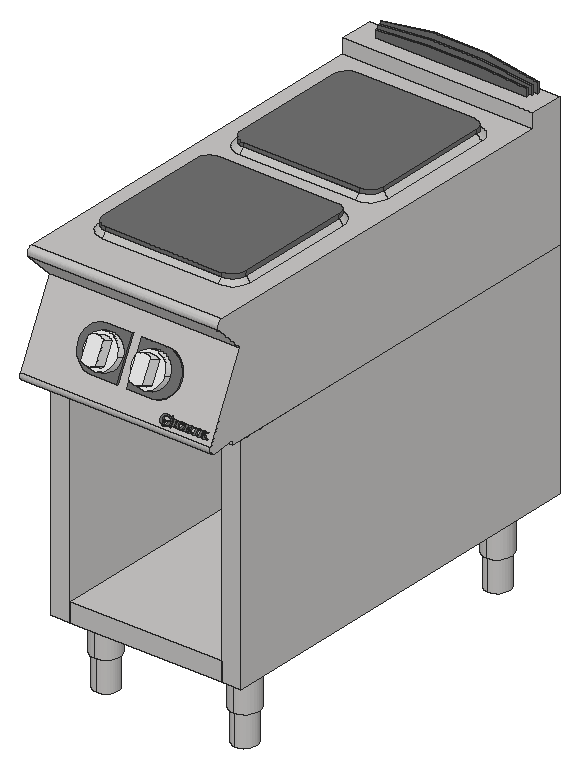
Revit family "QF_GIORIK_CE92QG", category Specialty Equipment, Revit 2014
Parameters (values of type "CE92QG")
  Weight in Pounds = 165.3465
  Watts = 8000 W
  Volts = 400 V
  URL Cutsheet = "www.giorik.com"
  URL = "www.giorik.com"
  Status [instance] = ""
  Specification by User [instance] = ""
  Specification by Manufacturer = ""
  Show Logo [instance] = yes
  Show Clearance [instance] = yes
  Serial Number = ""
  Seismic Rating = ""
  SMACNA No = ""
  Revision Code [instance] = ""
  Phase = 3
  Number of Poles [instance] = 3
  NAFEM Spec ID Number = ""
  Model = "CE92QG"
  Min Ckt Ampacity = 0 A
  Max Overcurrent Protection = 0 A
  Masterspec = ""
  Manufacturer = "GIORIK"
  Item Number [instance] = ""
  Installed By [instance] = ""
  Identify Quantity as Lot [instance] = no
  HP = "10.728160000000"
  Furnished By [instance] = ""
  Foodservice Equipment Identifier [instance] = yes
  FL Amps = 0 A
  Electrical Remarks [instance] = ""
  Electric Connection Type [instance] = ""
  Elec Conn RI Height [instance] = 0 mm
  Elec Conn Connection Height [instance] = 0 mm
  Description = "2 ELECTRIC PLATE HOB ON OPEN BASE UNIT"
  Cycle = 50 Hz
  Conn Plug = ""
  CSI MasterFormat = ""
  Assembly Code = "E1090320"
  Apparent Power = 8000 VA
Reference planes
  plane 1 "Back": y = 0
  plane 2: z = 0
  plane 3 "Left": x = 0
  plane 4 "Right": x = 400
  plane 5 "Front": y = -920
  plane 6 "Top": z = 900
Forms (mm)
  Extrusion 1, solid, visible <- "Show Logo"
    sketch origin (196.604, -936.624, 609.486) x (-1, 0, 0) y (0, 0.452718, 0.891654)
      loop
        line (-118.824, 58.358) -> (-127.804, 58.358) -> (-125.523, 56.445) -> (-125.523, 48.027) -> (-127.804, 46.113) -> (-118.824, 46.113) -> (-121.105, 48.027) -> (-121.105, 56.445) -> (-118.824, 58.358)
      loop
        line (-163.721, 58.358) -> (-172.7, 58.358) -> (-170.42, 56.445) -> (-170.42, 48.027) -> (-172.7, 46.113) -> (-163.721, 46.113) -> (-166.001, 48.027) -> (-166.001, 56.445) -> (-163.721, 58.358)
      loop
        line (-174.332, 58.358) -> (-183.312, 58.358) -> (-181.031, 56.445) -> (-181.031, 52.435) -> (-186.419, 56.955) -> (-184.416, 58.358) -> (-191.268, 58.358) -> (-188.01, 56.839) -> (-185.455, 54.283) -> (-190.846, 47.858) -> (-193.396, 46.93) -> (-193.396, 46.113) -> (-184.416, 46.113) -> (-185.437, 47.571) -> (-182.443, 51.552) -> (-181.031, 50.894) -> (-181.031, 48.027) -> (-183.312, 46.113) -> (-174.332, 46.113) -> (-176.613, 48.027) -> (-176.613, 56.445) -> (-174.332, 58.358)
      loop
        line (-115.429, 62.063) -> (-115.429, 54.198)
        arc (-115.429, 54.198) -> (-111.618, 57.803) -> (-106.847, 59.986) r 16.039
        arc (-106.847, 59.986) -> (-103.314, 59.837) -> (-100.512, 57.68) r 5.851
        arc (-100.512, 57.68) -> (-98.815, 52.267) -> (-100.512, 46.853) r 9.479
        arc (-100.512, 46.853) -> (-102.406, 44.986) -> (-104.846, 43.93) r 7.236
        arc (-104.846, 43.93) -> (-107.728, 44.111) -> (-110.052, 45.825) r 5.11
        line (-110.052, 45.825) -> (-110.052, 52.001) -> (-116.141, 52.001) -> (-116.141, 45.503) -> (-117.893, 43.751) -> (-114.094, 44.769)
        arc (-114.094, 44.769) -> (-112.56, 44.947) -> (-111.129, 44.366) r 3.115
        arc (-111.129, 44.366) -> (-104.216, 42.091) -> (-97.303, 44.366) r 11.641
        arc (-97.303, 44.366) -> (-93.396, 52.107) -> (-97.303, 59.849) r 9.622
        arc (-97.303, 59.849) -> (-104.369, 62.174) -> (-111.435, 59.849) r 11.898
        line (-111.435, 59.849) -> (-115.429, 62.063)
      loop
        arc (-129.234, 56.068) -> (-135.893, 58.628) -> (-142.552, 56.068) r 9.941
        arc (-142.552, 56.068) -> (-144.234, 52.286) -> (-142.552, 48.505) r 5.093
        arc (-142.552, 48.505) -> (-135.893, 45.945) -> (-129.234, 48.505) r 9.941
        arc (-129.234, 48.505) -> (-127.552, 52.286) -> (-129.234, 56.068) r 5.093
      loop
        arc (-132.628, 54.403) -> (-135.893, 57.668) -> (-139.158, 54.403) r 3.265
        line (-139.158, 54.403) -> (-139.158, 50.169)
        arc (-139.158, 50.169) -> (-135.893, 46.904) -> (-132.628, 50.169) r 3.265
        line (-132.628, 50.169) -> (-132.628, 54.403)
      loop
        arc (-156.363, 58.365) -> (-159.647, 55.081) -> (-156.363, 51.796) r 3.285
        line (-156.363, 51.796) -> (-159.529, 47.306) -> (-162.087, 46.113) -> (-155.847, 46.113) -> (-153.529, 51.083) -> (-150.637, 51.083) -> (-150.637, 47.784) -> (-153.022, 46.113) -> (-144.011, 46.113) -> (-146.094, 47.68) -> (-146.094, 56.493) -> (-144.229, 58.365) -> (-156.363, 58.365)
      loop
        line (-150.637, 57.512) -> (-153.637, 57.512)
        arc (-153.637, 57.512) -> (-156.237, 54.912) -> (-153.637, 52.312) r 2.6
        line (-153.637, 52.312) -> (-150.637, 52.312) -> (-150.637, 57.512)
      loop
        line (-108.924, 52.001) -> (-104.936, 49.005) -> (-100.948, 52.001) -> (-108.924, 52.001)
    from 1.5 to -0.5
  Extrusion 2, solid
    sketch origin (-16, 1025.948, 0) x (1, 0, 0) y (0, 1, 0)
      loop
        line (25, -1086.81) -> (25, -1156.81) -> (115, -1156.81) -> (115, -1086.81) -> (25, -1086.81)
    from 148 to 150
  Extrusion 3, solid
    sketch origin (-4, 0.138, 130) x (1, 0, 0) y (0, 1, 0)
      loop
        circle (54, -385) r 12.5
    from 0 to 20
  Extrusion 4, solid
    sketch origin (0, 800.138, -20) x (0, 1, 0) y (0, 0, 1)
      loop
        line (-800.138, 919.988) -> (-870.138, 919.988) -> (-870.138, 889.988) -> (-1688.806, 889.988)
        arc (-1688.806, 889.988) -> (-1699.151, 883.075) -> (-1696.724, 870.873) r 11.197
        line (-1696.724, 870.873) -> (-1640.876, 815.025) -> (-1718.948, 661.258)
        arc (-1718.948, 661.258) -> (-1718.233, 650.105) -> (-1708.118, 645.354) r 10.981
        line (-1708.118, 645.354) -> (-1660, 649.925) -> (-1660, 640) -> (-800.138, 640) -> (-800.138, 919.988)
    from 0 to 400
  Extrusion 5, solid
    sketch origin (0, -199.862, 599.536) x (1, 0, 0) y (0, 1, 0)
      loop
        line (0, -640) -> (40, -640) -> (40, 159.862) -> (360, 159.862) -> (360, -640) -> (400, -640) -> (400, 199.862) -> (0, 199.862) -> (0, -640)
    from -449.536 to 20.464
  Extrusion 6, solid
    sketch origin (0, -199.862, 0) x (1, 0, 0) y (0, 1, 0)
      loop
        line (40, 159.862) -> (40, -640) -> (360, -640) -> (360, 159.862) -> (40, 159.862)
    from 150 to 190
  Extrusion 7, solid
    sketch origin (-16, 360.948, 0) x (1, 0, 0) y (0, 1, 0)
      loop
        line (25, -1086.81) -> (25, -1156.81) -> (115, -1156.81) -> (115, -1086.81) -> (25, -1086.81)
    from 148 to 150
  Revolve 8, solid
    sketch origin (54, 360.948, 0) x (0, 1, 0) y (0, 0, 1)
      loop
        line (-1092.56, 66) -> (-1092.56, 148) -> (-1121.81, 148) -> (-1121.81, 0) -> (-1096.81, 0) -> (-1096.81, 66) -> (-1092.56, 66)
      axis (-1121.81, 0) -> (-1121.81, 148)
    angle from 0 to 360
  Revolve 9, solid
    sketch origin (54, 1025.948, 0) x (0, 1, 0) y (0, 0, 1)
      loop
        line (-1092.56, 66) -> (-1092.56, 148) -> (-1121.81, 148) -> (-1121.81, 0) -> (-1096.81, 0) -> (-1096.81, 66) -> (-1092.56, 66)
      axis (-1121.81, 0) -> (-1121.81, 148)
    angle from 0 to 360
  Extrusion 10, solid
    sketch origin (416, 360.948, 0) x (-1, 0, 0) y (0, -1, 0)
      loop
        line (25, 1086.81) -> (115, 1086.81) -> (115, 1156.81) -> (25, 1156.81) -> (25, 1086.81)
    from 148 to 150
  Revolve 11, solid
    sketch origin (346, 360.948, 0) x (0, 1, 0) y (0, 0, -1)
      loop
        line (-1092.56, -66) -> (-1096.81, -66) -> (-1096.81, 0) -> (-1121.81, 0) -> (-1121.81, -148) -> (-1092.56, -148) -> (-1092.56, -66)
      axis (-1121.81, 0) -> (-1121.81, -148)
    angle from 0 to 360
  Extrusion 12, solid
    sketch origin (416, -1217.672, 0) x (-1, 0, 0) y (0, -1, 0)
      loop
        line (25, -1086.81) -> (25, -1156.81) -> (115, -1156.81) -> (115, -1086.81) -> (25, -1086.81)
    from 148 to 150
  Revolve 13, solid
    sketch origin (346, -1217.672, 0) x (0, -1, 0) y (0, 0, 1)
      loop
        line (-1092.56, 66) -> (-1092.56, 148) -> (-1121.81, 148) -> (-1121.81, 0) -> (-1096.81, 0) -> (-1096.81, 66) -> (-1092.56, 66)
      axis (-1121.81, 0) -> (-1121.81, 148)
    angle from 0 to 360
  Extrusion 14, solid
    sketch origin (-273.221, -1163.208, 52.363) x (1, 0, 0) y (0, 0.452718, 0.891654)
      loop
        line (463.221, 676.25) -> (463.221, 766.25) -> (409.698, 766.25)
        arc (409.698, 766.25) -> (364.698, 721.25) -> (409.698, 676.25) r 45
        line (409.698, 676.25) -> (463.221, 676.25)
    from 48 to 50
  Extrusion 15, solid
    sketch origin (501.331, -1208.559, 74.959) x (-1, 0, 0) y (0, -0.45351, -0.891251)
      loop
        circle (351.331, -721.346) r 35
    from 0 to 15
  Extrusion 16, solid
    sketch origin (501.331, -1208.559, 74.959) x (-1, 0, 0) y (0, -0.45351, -0.891251)
      loop
        arc (336.331, -743.846) -> (351.331, -748.846) -> (366.331, -743.846) r 25
        line (366.331, -743.846) -> (366.331, -698.846)
        arc (366.331, -698.846) -> (351.331, -693.846) -> (336.331, -698.846) r 25
        line (336.331, -698.846) -> (336.331, -743.846)
    from 15 to 40
  Extrusion 17, solid
    sketch origin (-94, 0, -10.001) x (1, 0, 0) y (0, 0, 1)
      loop
        line (135, 909.989) -> (453, 909.989) -> (453, 925.527) -> (347.056, 931.749) -> (240.944, 931.749) -> (135, 925.527) -> (135, 909.989)
    from 32 to 35
  Extrusion 18, solid
    sketch origin (-92, 10, -10.001) x (1, 0, 0) y (0, 0, 1)
      loop
        line (454, 909.989) -> (454, 928.527) -> (346.162, 939.193) -> (237.838, 939.193) -> (130, 928.527) -> (130, 909.989) -> (454, 909.989)
    from 32 to 35
  Extrusion 19, solid
    sketch origin (-90, 20, -10.001) x (1, 0, 0) y (0, 0, 1)
      loop
        line (455, 909.989) -> (455, 930.527) -> (345.396, 947.413) -> (234.604, 947.413) -> (125, 930.527) -> (125, 909.989) -> (455, 909.989)
    from 32 to 35
  Extrusion 20, solid
    sketch origin (673.255, -1163.208, 52.363) x (-1, 0, 0) y (0, -0.452718, -0.891654)
      loop
        line (463.221, -676.25) -> (409.698, -676.25)
        arc (409.698, -676.25) -> (364.698, -721.25) -> (409.698, -766.25) r 45
        line (409.698, -766.25) -> (463.221, -766.25) -> (463.221, -676.25)
    from 48 to 50
  Extrusion 21, solid
    sketch origin (-101.297, -1208.559, 74.959) x (1, 0, 0) y (0, 0.45351, 0.891251)
      loop
        circle (351.331, 721.346) r 35
    from 0 to 15
  Extrusion 22, solid
    sketch origin (-101.297, -1208.559, 74.959) x (1, 0, 0) y (0, 0.45351, 0.891251)
      loop
        line (336.331, 743.846) -> (336.331, 698.846)
        arc (336.331, 698.846) -> (351.331, 693.846) -> (366.331, 698.846) r 25
        line (366.331, 698.846) -> (366.331, 743.846)
        arc (366.331, 743.846) -> (351.331, 748.846) -> (336.331, 743.846) r 25
    from 15 to 40
  Extrusion 23, solid
    sketch origin (10, 2.638, 864.988) x (0, 1, 0) y (-1, 0, 0)
      loop
        arc (-131.5, -68) -> (-139.701, -48.201) -> (-159.5, -40) r 28
        line (-159.5, -40) -> (-403.5, -40)
        arc (-403.5, -40) -> (-423.299, -48.201) -> (-431.5, -68) r 28
        line (-431.5, -68) -> (-431.5, -312)
        arc (-431.5, -312) -> (-423.299, -331.799) -> (-403.5, -340) r 28
        line (-403.5, -340) -> (-159.5, -340)
        arc (-159.5, -340) -> (-139.701, -331.799) -> (-131.5, -312) r 28
        line (-131.5, -312) -> (-131.5, -68)
    from 23 to 15
  Blend 24, solid
    base sketch origin (754.36, -819.867, 869.988) x (0, 1, 0) y (-1, 0, 0)
      loop
        arc (701.004, 677.36) -> (690.167, 703.523) -> (664.004, 714.36) r 37
        line (664.004, 714.36) -> (418.004, 714.36)
        arc (418.004, 714.36) -> (391.841, 703.523) -> (381.004, 677.36) r 37
        line (381.004, 677.36) -> (381.004, 431.362)
        arc (381.004, 431.362) -> (391.841, 405.199) -> (418.004, 394.362) r 37
        line (418.004, 394.362) -> (664.004, 394.362)
        arc (664.004, 394.362) -> (690.167, 405.199) -> (701.004, 431.362) r 37
        line (701.004, 431.362) -> (701.004, 677.36)
    top sketch origin (754.36, -819.867, 900) x (0, 1, 0) y (-1, 0, 0)
      loop
        arc (691.004, 676.36) -> (682.803, 696.159) -> (663.004, 704.36) r 28
        line (663.004, 704.36) -> (419.004, 704.36)
        arc (419.004, 704.36) -> (399.205, 696.159) -> (391.004, 676.36) r 28
        line (391.004, 676.36) -> (391.004, 432.36)
        arc (391.004, 432.36) -> (399.205, 412.561) -> (419.004, 404.36) r 28
        line (419.004, 404.36) -> (663.004, 404.36)
        arc (663.004, 404.36) -> (682.803, 412.561) -> (691.004, 432.36) r 28
        line (691.004, 432.36) -> (691.004, 676.36)
    from 0 to -20.012
  Extrusion 25, solid
    sketch origin (10, -912.362, 864.988) x (0, -1, 0) y (1, 0, 0)
      loop
        line (-121.5, 68) -> (-121.5, 311.998)
        arc (-121.5, 311.998) -> (-129.701, 331.797) -> (-149.5, 339.998) r 28
        line (-149.5, 339.998) -> (-393.5, 339.998)
        arc (-393.5, 339.998) -> (-413.299, 331.797) -> (-421.5, 311.998) r 28
        line (-421.5, 311.998) -> (-421.5, 68)
        arc (-421.5, 68) -> (-413.299, 48.201) -> (-393.5, 40) r 28
        line (-393.5, 40) -> (-149.5, 40)
        arc (-149.5, 40) -> (-129.701, 48.201) -> (-121.5, 68) r 28
    from 23 to 15
  Blend 26, solid
    base sketch origin (754.36, -89.858, 869.988) x (0, -1, 0) y (1, 0, 0)
      loop
        line (710.004, -676.36) -> (710.004, -432.362)
        arc (710.004, -432.362) -> (699.167, -406.199) -> (673.004, -395.362) r 37
        line (673.004, -395.362) -> (429.004, -395.362)
        arc (429.004, -395.362) -> (402.841, -406.199) -> (392.004, -432.362) r 37
        line (392.004, -432.362) -> (392.004, -676.36)
        arc (392.004, -676.36) -> (402.841, -702.523) -> (429.004, -713.36) r 37
        line (429.004, -713.36) -> (673.004, -713.36)
        arc (673.004, -713.36) -> (699.167, -702.523) -> (710.004, -676.36) r 37
    top sketch origin (754.36, -89.858, 900) x (0, -1, 0) y (1, 0, 0)
      loop
        line (701.004, -676.36) -> (701.004, -432.362)
        arc (701.004, -432.362) -> (692.803, -412.563) -> (673.004, -404.362) r 28
        line (673.004, -404.362) -> (429.004, -404.362)
        arc (429.004, -404.362) -> (409.205, -412.563) -> (401.004, -432.362) r 28
        line (401.004, -432.362) -> (401.004, -676.36)
        arc (401.004, -676.36) -> (409.205, -696.159) -> (429.004, -704.36) r 28
        line (429.004, -704.36) -> (673.004, -704.36)
        arc (673.004, -704.36) -> (692.803, -696.159) -> (701.004, -676.36) r 28
    from 0 to -20.012
Lines and regions (mm)
  symbolic lines, style "200-EquipBorder-2D"
    curve 1: line (0, -920, 0) -> (400, -920, 0)
    curve 2: line (400, -920, 0) -> (400, 0, 0)
    curve 3: line (400, 0, 0) -> (0, 0, 0)
    curve 4: line (0, 0, 0) -> (0, -920, 0)
    curve 50: line (135, -927.276, 900) -> (135, -920, 900)
    curve 51: line (165, -927.276, 900) -> (165, -920, 900)
    curve 52: line (265.035, -927.276, 900) -> (265.035, -920, 900)
    curve 53: line (235.035, -927.276, 900) -> (235.035, -920, 900)
    curve 54: arc (265.035, -927.276, 900) -> (250.035, -929.65, 900) -> (235.035, -927.276, 900) r 48.561
    curve 55: arc (165, -927.276, 900) -> (150, -929.469, 900) -> (135, -927.276, 900) r 52.387
  symbolic lines, style "200-EquipInternal-2D"
    curve 5: line (0, -70, 900) -> (400, -70, 900)
    curve 6: line (35, -12, 900) -> (365, -12, 900)
    curve 7: line (365, -12, 900) -> (365, -15, 900)
    curve 8: line (365, -15, 900) -> (35, -15, 900)
    curve 9: line (35, -15, 900) -> (35, -12, 900)
    curve 10: line (38, -22, 900) -> (362, -22, 900)
    curve 11: line (362, -22, 900) -> (362, -25, 900)
    curve 12: line (362, -25, 900) -> (38, -25, 900)
    curve 13: line (38, -25, 900) -> (38, -22, 900)
    curve 14: line (41, -32, 900) -> (359, -32, 900)
    curve 15: line (359, -32, 900) -> (359, -35, 900)
    curve 16: line (359, -35, 900) -> (41, -35, 900)
    curve 17: line (41, -35, 900) -> (41, -32, 900)
    curve 18: line (40, -401.862, 900) -> (40, -155.862, 900)
    curve 19: line (50, -156.862, 900) -> (50, -400.862, 900)
    curve 20: arc (78, -128.862, 900) -> (58.201, -137.063, 900) -> (50, -156.862, 900) r 28
    curve 21: line (77, -118.862, 900) -> (322.998, -118.862, 900)
    curve 22: arc (40, -155.862, 900) -> (50.837, -129.699, 900) -> (77, -118.862, 900) r 37
    curve 23: line (322, -128.862, 900) -> (78, -128.862, 900)
    curve 24: line (350, -400.862, 900) -> (350, -156.862, 900)
    curve 25: arc (322.998, -118.862, 900) -> (349.161, -129.699, 900) -> (359.998, -155.862, 900) r 37
    curve 26: line (359.998, -155.862, 900) -> (359.998, -401.862, 900)
    curve 27: arc (350, -156.862, 900) -> (341.799, -137.063, 900) -> (322, -128.862, 900) r 28
    curve 28: arc (77, -438.862, 900) -> (50.837, -428.025, 900) -> (40, -401.862, 900) r 37
    curve 29: line (322.998, -438.862, 900) -> (77, -438.862, 900)
    curve 30: arc (359.998, -401.862, 900) -> (349.161, -428.025, 900) -> (322.998, -438.862, 900) r 37
    curve 31: line (78, -428.862, 900) -> (322, -428.862, 900)
    curve 32: arc (322, -428.862, 900) -> (341.799, -420.661, 900) -> (350, -400.862, 900) r 28
    curve 33: arc (50, -400.862, 900) -> (58.201, -420.661, 900) -> (78, -428.862, 900) r 28
    curve 34: line (41, -762.862, 900) -> (41, -518.862, 900)
    curve 35: arc (78, -490.862, 900) -> (58.201, -499.063, 900) -> (50, -518.862, 900) r 28
    curve 36: line (50, -518.862, 900) -> (50, -762.862, 900)
    curve 37: arc (41, -518.862, 900) -> (51.837, -492.699, 900) -> (78, -481.862, 900) r 37
    curve 38: line (321.998, -490.862, 900) -> (78, -490.862, 900)
    curve 39: line (78, -481.862, 900) -> (321.998, -481.862, 900)
    curve 40: arc (321.998, -481.862, 900) -> (348.161, -492.699, 900) -> (358.998, -518.862, 900) r 37
    curve 41: arc (349.998, -518.862, 900) -> (341.797, -499.063, 900) -> (321.998, -490.862, 900) r 28
    curve 42: line (349.998, -762.862, 900) -> (349.998, -518.862, 900)
    curve 43: line (358.998, -518.862, 900) -> (358.998, -762.862, 900)
    curve 44: arc (358.998, -762.862, 900) -> (348.161, -789.025, 900) -> (321.998, -799.862, 900) r 37
    curve 45: arc (321.998, -790.862, 900) -> (341.797, -782.661, 900) -> (349.998, -762.862, 900) r 28
    curve 46: line (321.998, -799.862, 900) -> (78, -799.862, 900)
    curve 47: line (78, -790.862, 900) -> (321.998, -790.862, 900)
    curve 48: arc (78, -799.862, 900) -> (51.837, -789.025, 900) -> (41, -762.862, 900) r 37
    curve 49: arc (50, -762.862, 900) -> (58.201, -782.661, 900) -> (78, -790.862, 900) r 28
Dimensions and locks
  plane 3 "Left" to plane 4 "Right" = 400 mm
  plane 5 "Front" to plane 1 "Back" = 920 mm
  plane 4 "Right" to plane 3 "Left" = 400 mm
  plane 1 "Back" to plane 5 "Front" = 920 mm
  plane 6 "Top" to level = 900 mm  (x2)
  aligned and locked: level to plane 2
Connectors
  electrical at (50, -384.862, 130), driven by "Apparent Power", driven by "Volts", driven by "Number of Poles"
    settings: on Extrusion 3, index 1, voltage 400 V, apparent load 0 VA, apparent load phase1 8000 VA, apparent load phase2 0 VA, apparent load phase3 0 VA, power factor 1, load classification "Other", number of poles 3, system type 31, power factor state 1, is connector primary yes, connector utility no, sub classification motor no, connector description "Electrical connection"
